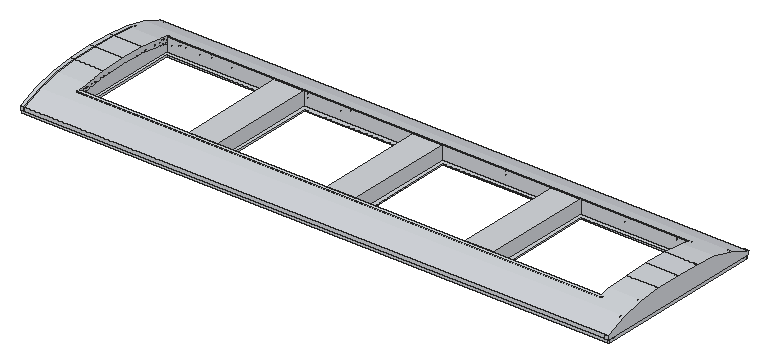
Revit family "Gira_021488", category Electrical Fixtures, host Face, Revit 2017
Family settings
  Host = Face
  Maintain Annotation Orientation = No
  Round Connector Dimension = Use Diameter
  Part Type = Normal
  Cut with Voids When Loaded = No
  Shared = No
  Room Calculation Point = No
Parameters (values of type "Cov.fr. 4-g interm.fr. AN Gira Event Opaque red")
  With mounting grid = "No"
  With hinged lid = "No"
  URL = "http://katalog.gira.de/en/datenblatt.html?artikelnr=021488"
  Type of fastening = "Clamp mounting"
  Transparent = "No"
  Surface protection = "Other"
  Suitable for wall duct = "No"
  Suitable for flush-mounted installation = "Yes"
  Suitable for floor box = "No"
  Suitable for built-in installation = "No"
  Number of units vertical = "4"
  Number of units horizontal = "4"
  Number of units = "4"
  Name = "Cov.fr. 4-g interm.fr. AN Gira Event Opaque red"
  Mounting direction = "Horizontal and vertical"
  Material quality = "Thermoplastic"
  Material = "Plastic"
  Manufacturer URL = "https://www.gira.de/"
  Manufacturer = "Gira"
  Label space/information surface = "No"
  Keynote = ""
  HeinzeBIM = "https://bimportal.heinze.de/bim/cov-fr-4-g-interm-fr-an-gira-event-opaque-red/0b40d1be38bd4f611b2980dfc31feb2782327ba4"
  Halogen free = "Yes"
  HAN = "021488"
  GTIN = "4010337214885"
  Description = "Cov.fr.4g i.fr.AN EvOp RD,Gira Event Opaque frames,red with anthracite intermediate frame,4-gang,Features:,- Shatter-proof."
  Degree of protection (IP) = "IP20"
  Default Elevation = 1219.2 mm
  Data sheet (1) = "https://katalog.gira.de/en/download.html?artikelnr=021488"
  Colour = "Red"
  Category = "Cover frame for domestic switching devices"
  BIM (1) = "https://media.stage.bim.site/public/gira/36a6b08/Event_Rahmen_4fach.rfa"
  Available = "No"
Reference planes
  plane 1 "Center (Front/Back)": y = 0
  plane 2: z = 0
  plane 3 "Center (Left/Right)": x = 0
Forms (mm)
  Extrusion 1, solid, detail levels fine
    sketch origin (0, 0, 0.05) x (0, 1, 0) y (0, 0, 1)
      loop
        arc (12.445, 9.683) -> (6.223, 9.833) -> (0, 9.85) r 291.636
        arc (0, 9.85) -> (-6.223, 9.833) -> (-12.445, 9.683) r 291.636
        arc (-12.445, 9.683) -> (-29.14, 7.482) -> (-45, 1.823) r 79.728
        line (-45, 1.823) -> (-45, -0.05) -> (-42.086, -0.05)
        arc (-42.086, -0.05) -> (-21.385, 5.559) -> (0, 7.206) r 114.424
        arc (0, 7.206) -> (21.385, 5.559) -> (42.086, -0.05) r 114.424
        line (42.086, -0.05) -> (45, -0.05) -> (45, 1.823)
        arc (45, 1.823) -> (29.14, 7.482) -> (12.445, 9.683) r 79.728
    from -151.95 to 151.935
  Extrusion 2, void, detail levels fine
    sketch origin (0, 0, 0) x (1, 0, 0) y (0, 1, 0)
      loop
        line (134.95, 28.035) -> (-134.95, 28.035) -> (-134.95, -28.035) -> (134.95, -28.035) -> (134.95, 28.035)
    from 0.724 to 11
  Extrusion 3, solid, detail levels coarse
    sketch origin (0, 0, 0) x (1, 0, 0) y (0, 1, 0)
      loop
        line (-151.95, 45) -> (-151.95, -45) -> (151.935, -45) -> (151.935, 45) -> (-151.95, 45)
    from -1.5 to 9.9
  Extrusion 4, solid, detail levels medium
    sketch origin (0, 0, 0.05) x (0, 1, 0) y (0, 0, 1)
      loop
        arc (12.445, 9.683) -> (6.223, 9.833) -> (0, 9.85) r 291.636
        arc (0, 9.85) -> (-6.223, 9.833) -> (-12.445, 9.683) r 291.636
        arc (-12.445, 9.683) -> (-29.14, 7.482) -> (-45, 1.823) r 79.728
        line (-45, 1.823) -> (-45, -0.05) -> (45, -0.05) -> (45, 1.823)
        arc (45, 1.823) -> (29.14, 7.482) -> (12.445, 9.683) r 79.728
    from -151.95 to 151.935
  Extrusion 5, solid, detail levels fine
    sketch origin (-106.95, 0, -1.5) x (0, 1, 0) y (0, 0, -1)
      loop
        line (45, -3.373) -> (45, -1.5) -> (-45, -1.5) -> (-45, -3.373)
        arc (-45, -3.373) -> (-29.14, -9.032) -> (-12.445, -11.233) r 79.728
        arc (-12.445, -11.233) -> (-6.223, -11.383) -> (0, -11.4) r 291.636
        arc (0, -11.4) -> (6.223, -11.383) -> (12.445, -11.233) r 291.636
        arc (12.445, -11.233) -> (29.14, -9.032) -> (45, -3.373) r 79.728
    from 43 to 45
  Extrusion 6, solid, detail levels fine
    sketch origin (0, 0, 0) x (1, 0, 0) y (0, 1, 0)
      loop
        line (-132.85, 25.7) -> (-132.85, -25.7) -> (-81.05, -25.7) -> (-81.05, 25.7) -> (-132.85, 25.7)
      loop
        line (-9.755, -25.7) -> (-9.755, 25.7) -> (-61.555, 25.7) -> (-61.555, -25.7) -> (-9.755, -25.7)
      loop
        line (-135.845, 28.49) -> (-135.845, -28.495)
        spline (-135.845, -28.495) -> (-135.836, -28.625) -> (-135.811, -28.754) -> (-135.769, -28.878) -> (-135.711, -28.995) -> (-135.638, -29.104) -> (-135.552, -29.202) -> (-135.454, -29.288) -> (-135.345, -29.361) -> (-135.228, -29.419) -> (-135.104, -29.461) -> (-134.975, -29.486) -> (-134.845, -29.495)
        line (-134.845, -29.495) -> (134.845, -29.495)
        spline (134.845, -29.495) -> (134.975, -29.486) -> (135.104, -29.461) -> (135.228, -29.419) -> (135.345, -29.361) -> (135.454, -29.288) -> (135.552, -29.202) -> (135.638, -29.104) -> (135.711, -28.995) -> (135.769, -28.878) -> (135.811, -28.754) -> (135.836, -28.625) -> (135.845, -28.495)
        line (135.845, -28.495) -> (135.845, 28.49)
        spline (135.845, 28.49) -> (135.836, 28.62) -> (135.811, 28.748) -> (135.769, 28.872) -> (135.711, 28.99) -> (135.638, 29.098) -> (135.552, 29.197) -> (135.454, 29.283) -> (135.345, 29.356) -> (135.228, 29.413) -> (135.104, 29.456) -> (134.975, 29.481) -> (134.845, 29.49)
        line (134.845, 29.49) -> (-134.845, 29.49)
        spline (-134.845, 29.49) -> (-134.975, 29.481) -> (-135.104, 29.456) -> (-135.228, 29.413) -> (-135.345, 29.356) -> (-135.454, 29.283) -> (-135.552, 29.197) -> (-135.638, 29.098) -> (-135.711, 28.99) -> (-135.769, 28.872) -> (-135.811, 28.748) -> (-135.836, 28.62) -> (-135.845, 28.49)
      loop
        line (61.545, -25.7) -> (61.545, 25.7) -> (9.745, 25.7) -> (9.745, -25.7) -> (61.545, -25.7)
      loop
        line (132.85, -25.7) -> (132.85, 25.7) -> (81.05, 25.7) -> (81.05, -25.7) -> (132.85, -25.7)
    from 0.1 to 7.3
  Extrusion 7, solid
    sketch origin (0, 0, 0) x (1, 0, 0) y (0, 1, 0)
      loop
        arc (-151.65, -44.218) -> (-151.504, -44.572) -> (-151.15, -44.718) r 0.5
        line (-151.15, -44.718) -> (151.15, -44.718)
        arc (151.15, -44.718) -> (151.504, -44.572) -> (151.65, -44.218) r 0.5
        line (151.65, -44.218) -> (151.65, 44.182)
        arc (151.65, 44.182) -> (151.504, 44.535) -> (151.15, 44.682) r 0.5
        line (151.15, 44.682) -> (-151.15, 44.682)
        arc (-151.15, 44.682) -> (-151.504, 44.535) -> (-151.65, 44.182) r 0.5
        line (-151.65, 44.182) -> (-151.65, -44.218)
      loop
        line (-149.95, 42.982) -> (-149.95, -43.018) -> (149.95, -43.018) -> (149.95, 42.982) -> (-149.95, 42.982)
    from -1.5 to 0.5
  Extrusion 8, solid, detail levels fine
    sketch origin (106.935, 0, -1.5) x (0, 1, 0) y (0, 0, 1)
      loop
        arc (45, 3.373) -> (29.14, 9.032) -> (12.445, 11.233) r 79.728
        arc (12.445, 11.233) -> (6.223, 11.383) -> (0, 11.4) r 291.636
        arc (0, 11.4) -> (-6.223, 11.383) -> (-12.445, 11.233) r 291.636
        arc (-12.445, 11.233) -> (-29.14, 9.032) -> (-45, 3.373) r 79.728
        line (-45, 3.373) -> (-45, 1.5) -> (45, 1.5) -> (45, 3.373)
    from 43 to 45
  Extrusion 9, solid, detail levels medium
    sketch origin (0, 0, 0) x (1, 0, 0) y (0, 1, 0)
      loop
        line (-151.65, -44.718) -> (151.65, -44.718) -> (151.65, 44.682) -> (-151.65, 44.682) -> (-151.65, -44.718)
    from -1.5 to 0.5
  Extrusion 10, solid, detail levels fine
    sketch origin (-69.857, 0, 0) x (1, 0, 0) y (0, 1, 0)
      loop
        line (-8.943, 28.063) -> (-8.943, -27.937) -> (6.057, -27.937) -> (6.057, 28.063) -> (-8.943, 28.063)
    from 0.724 to 7.566
  Extrusion 11, solid, detail levels fine
    sketch origin (-1.443, 0, 0) x (-1, 0, 0) y (0, -1, 0)
      loop
        line (-8.943, -28.063) -> (6.057, -28.063) -> (6.057, 27.937) -> (-8.943, 27.937) -> (-8.943, -28.063)
    from 0.724 to 7.566
  Extrusion 12, solid, detail levels fine
    sketch origin (69.857, 0, 0) x (-1, 0, 0) y (0, -1, 0)
      loop
        line (-8.943, -28.063) -> (6.057, -28.063) -> (6.057, 27.937) -> (-8.943, 27.937) -> (-8.943, -28.063)
    from 0.724 to 7.566
Cuts and joins
  Extrusion 2 cuts Extrusion 1
  Extrusion 2 cuts Extrusion 6
Dimensions and locks
  aligned and locked: plane 2 to host face
  aligned and locked: level to host face
